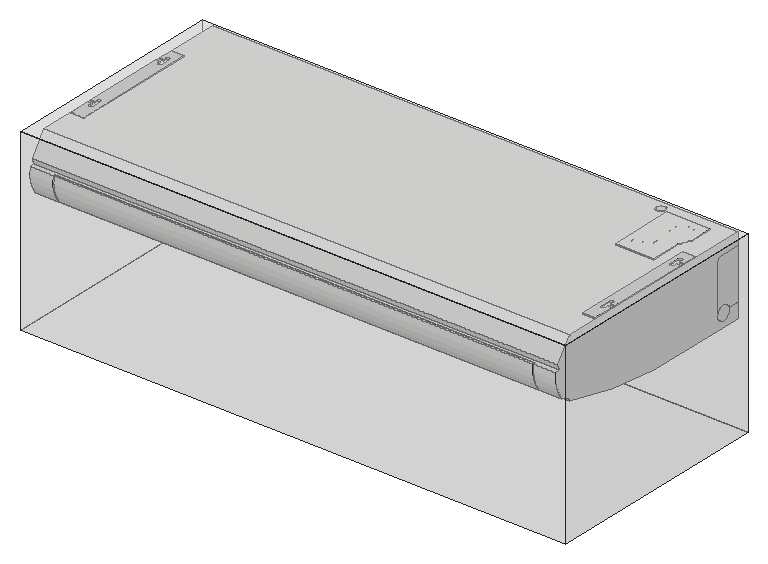
Revit family "outputfile", category 機械設備, Revit 2024
Family settings
  丸型コネクタ寸法 = 半径を使用
  パーツ タイプ = 標準
  OmniClass 番号 = 23.75.10.24.21.27.27
  OmniClass タイトル = Split System Air Conditioning Units
  作業面ベース = いいえ
  常に垂直 = はい
  ロード時にボイドで切り取り = いいえ
  注釈の向きを維持 = いいえ
  共有 = いいえ
  部屋計算ポイント = はい
Parameters (values of type "FHA24DV2S")
  製造元 = "Daikin"
  書き出し IFC クラス(タイプ) = "IfcUnitaryEquipmentType"
  定義済み IFC タイプ(タイプ) = "AIRCONDITIONINGUNIT"
  モデル = "FHA24DV2S"
  switch_frequency = yes
  r_Liquid Pipe Size = Liquid Pipe Size / 2  # 4.75 mm
  r_Gas Pipe Size = Gas Pipe Size / 2  # 7.95 mm
  r_Drain Pipe Size = Drain Pipe Size / 2  # 10.0 mm
  l_powersupply [instance] = if(Rear Right Connection_powersupply, 29.0 mm, 175.0 mm)  # 29.0 mm
  h_mountinghole = 2.0 mm
  connector_voltage = Voltage_50Hz  # 220 V
  connector_powerinput = [Power Input (Cooling)]  # 1.880 kW
  connector_phase = Phase_50Hz  # 1
  angle_vertical_powersupply [instance] = if(Rear Right Connection_powersupply, 90.00°, 180.00°)  # 90.00°
  angle_vertical_drainpipe [instance] = if(or(Left Connection_drainpipe, Right Connection_drainpipe), 90.00°, if(Top Connection_drainpipe, 180.00°, -90.00°))  # -90.00°
  angle_horizontal_powersupply [instance] = if(Rear Right Connection_powersupply, 180.00°, 0.00°)  # 180.00°
  angle_horizontal_drainpipe [instance] = if(Right Connection_drainpipe, 90.00°, if(Left Connection_drainpipe, -90.00°, 0.00°))  # 0.00°
  Voltage_comment_50Hz = "220"
  Voltage_50Hz = 220 V
  Top Connection_refrigerant [instance] = no
  Top Connection_powersupply [instance] = not(Rear Right Connection_powersupply)  # no
  Right Connection_refrigerant [instance] = no
  Rear Right Connection_refrigerant [instance] = yes
  Phase_50Hz = 1
  Material_Casing = DAIKIN_White_Casing_indoorunit
  lw_powersupply [instance] = if(Rear Right Connection_powersupply, 220.0 mm, 210.0 mm)  # 220.0 mm
  lw_mountinghole_pitch = Width - 40.0 mm  # 1550.0 mm
  lw_mountinghole = 20.0 mm
  lw_liquidpipe [instance] = if(Right Connection_refrigerant, 156.0 mm, if(Top Connection_refrigerant, 156.0 mm, 136.0 mm))  # 136.0 mm
  lw_gaspipe = 105.0 mm
  lw_drainpipe [instance] = if(Top Connection_drainpipe, 102.0 mm, if(Width = 960.0 mm, if(or(Left Connection_drainpipe, Rear Left Connection_drainpipe), 884.0 mm, 83.0 mm), if(Width = 1270.0 mm, if(or(Left Connection_drainpipe, Rear Left Connection_drainpipe), 1194.0 mm, 83.0 mm), if(Width = 1590.0 mm, if(or(Left Connection_drainpipe, Rear Left Connection_drainpipe), 1514.0 mm, 83.0 mm), 83.0 mm))))  # 83.0 mm
  lh_powersupply = 175.0 mm
  lh_liquidpipe [instance] = if(Rear Right Connection_refrigerant, 160.0 mm, 131.0 mm)  # 160.0 mm
  lh_gaspipe [instance] = if(Rear Right Connection_refrigerant, 150.0 mm, 91.0 mm)  # 150.0 mm
  lh_drainpipe = 197.0 mm
  l_antena = 1.0 mm
  ld_powersupply = 30.0 mm
  ld_mountinghole_pitch = 260.0 mm
  ld_mountinghole = 210.0 mm
  ld_liquidpipe [instance] = if(Right Connection_refrigerant, 57.0 mm, if(Top Connection_refrigerant, 189.0 mm, 221.0 mm))  # 221.0 mm
  ld_gaspipe [instance] = if(Right Connection_refrigerant, 57.0 mm, if(Top Connection_refrigerant, 163.0 mm, 214.0 mm))  # 214.0 mm
  ld_drainpipe [instance] = if(or(Left Connection_drainpipe, Right Connection_drainpipe), 57.0 mm, if(Top Connection_drainpipe, 87.0 mm, 268.0 mm))  # 268.0 mm
  l_liquidpipe_length [instance] = if(Right Connection_refrigerant, 156.0 mm, if(Top Connection_refrigerant, 131.0 mm, 220.0 mm))  # 220.0 mm
  l_gaspipe_length [instance] = if(Right Connection_refrigerant, 105.0 mm, if(Top Connection_refrigerant, 91.0 mm, 213.0 mm))  # 213.0 mm
  l_drainpipe_length [instance] = if(Right Connection_drainpipe, 83.0 mm, if(Top Connection_drainpipe, 197.0 mm, if(Left Connection_drainpipe, 76.0 mm, 267.0 mm)))  # 267.0 mm
  h*** = 0.0 mm
  angle_vertical [instance] = if(Right Connection_refrigerant, 90.00°, if(Top Connection_refrigerant, 180.00°, -90.00°))  # -90.00°
  angle_horizontal [instance] = if(Right Connection_refrigerant, 90.00°, 0.00°)  # 0.00°
  Width = 1590.0 mm
  Version = "ver.1.0"
  Unit Type = "Ceiling"
  Unit Mass Weight = 38.00 kg
  Unit Designation [instance] = ""
  Uniclass2015Version = "Products v1.30"
  Uniclass2015Title = "Split coil room air conditioning units"
  Uniclass2015Code = "Pr_70_65_03_86"
  Total Cooling Capacity [instance] = 0.000 kW
  Top Connection_drainpipe [instance] = no
  Sound Pressure Level_M speed (dBA) = 38
  Sound Pressure Level_L speed (dBA) = 34
  Sound Pressure Level_H speed (dBA) = 42
  Series = "SkyAir_Fan Coil Unit"
  Sensible Cooling Capacity [instance] = 0.000 kW
  Rear Right Connection_drainpipe [instance] = yes
  Rear Right Connection_powersupply [instance] = yes
  Right Connection_drainpipe [instance] = no
  Refrigerant Type = "R32"
  Power Input (Cooling) = 1.880 kW
  Option Accessory 3 [instance] = ""
  Option Accessory 2 [instance] = ""
  Option Accessory 1 [instance] = ""
  Nominal Cooling Capacity = 7.000 kW
  Minimum Airflow = 1200.00 m³/h
  Median Airflow = 1440.00 m³/h
  Maximum Airflow = 1680.00 m³/h
  Load Classification = HVAC
  Liquid Pipe Size = 9.5 mm
  Link_Nested Family [instance] = ""
  Rear Left Connection_drainpipe [instance] = no
  Left Connection_drainpipe [instance] = no
  IfcVersion = ""
  IfcExportType = "AIRCONDITIONINGUNIT"
  IfcExportAs = "IfcUnitaryEquipmentType"
  Height = 235.0 mm
  Heat Exchanger Type = "Cross Fin Coil"
  Gas Pipe Size = 15.9 mm
  Frequency_50Hz = 50 Hz
  Fan Type = "Sirocco Fan"
  Fan Drive = "Direct Drive"
  FCU Tag No. [instance] = ""
  Drain Pipe Size = 20.0 mm
  Design Supply Airflow [instance] = 0.00 m³/h
  Design Outdoor Airflow [instance] = 0.00 m³/h
  Depth = 690.0 mm
  既定の高さ = 0.0 mm
  Cooling Entering Wet Bulb Temperature [instance] = 0.00 °C
  Cooling Entering Dry Bulb Temperature [instance] = 0.00 °C
  Cooling Ambient Wet Bulb Temperature [instance] = 0.00 °C
  Cooling Ambient Dry Bulb Temperature [instance] = 0.00 °C
  Clearance visibility [instance] = yes
  Clearance Top = 5.0 mm
  Clearance Right = 30.0 mm
  Clearance Rear = 0.0 mm
  Clearance Left = 30.0 mm
  Clearance Front = 0.0 mm
  Clearance Bottom = 300.0 mm
Reference planes
  plane 1 "Back": y = 0
  plane 2: z = 0
  plane 3 "Center (Left/Right)": x = 0
  plane 4 "Center (Front/Back)": y = -1
  plane 5 "Front": y = -690
  plane 6 "Left": x = -795
  plane 7 "Right": x = 795
  plane 8 "Top": z = 0
  plane 9 "Bottom": z = -235
  plane 10: y = -690
  plane 11: x = -825
  plane 12: x = 825
  plane 13: z = 5
  plane 14: z = -535
  plane 15: y = 0
  plane 16 "lw_mountinghole": x = -775
  plane 17 "lw_mountinghole2": x = 775
  plane 18 "ld_mountinghole": y = -210
  plane 19 "ld_mountinghole2": y = -470
  plane 20 "lw_gaspipe": x = 690
  plane 21 "ld_gaspipe": y = -214
  plane 22 "lh_gaspipe": z = -150
  plane 23 "lw_liquidpipe": x = 659
  plane 24 "ld_liquidpipe": y = -221
  plane 25 "lh_liquidpipe": z = -160
  plane 26 "ld_drainpipe": y = -268
  plane 27 "lw_drainpipe": x = 712
  plane 28 "lh_drainpipe": z = -197
  plane 29 "lw_powersupply": x = 575
  plane 30 "lh_powersupply": z = -175
  plane 31 "ld_powersupply": y = -30
  plane 32: x = -725.5
  plane 33: x = 725.5
  plane 34: x = -750
  plane 35: x = 750
  plane 36: x = -2
  plane 37: x = 2
Forms (mm)
  Extrusion 1, solid, material "DAIKIN_White_Casing_indoorunit" <- "Material_Casing"
    sketch origin (0, 0, 0) x (0, 1, 0) y (0, 0, 1)
      loop
        line (-639.277, 0) -> (-680.876, -61.699) -> (-675.026, -77.772)
        arc (-675.026, -77.772) -> (-681.815, -78.743) -> (-688.601, -79.732) r 2634.132
        arc (-688.601, -79.732) -> (-687.018, -121.096) -> (-669.159, -158.439) r 102.2
        line (-669.159, -158.439) -> (-639.858, -169.325) -> (-635.895, -178.261)
        arc (-635.895, -178.261) -> (-479.121, -215.759) -> (-319.077, -235) r 1400.997
        line (-319.077, -235) -> (-1, -235) -> (-1, 0) -> (-639.277, 0)
    from -795 to 795
  Extrusion 2, solid, material "DAIKIN_White_Casing_indoorunit" <- "Material_Casing"
    sketch origin (0, 0, 0) x (0, 1, 0) y (0, 0, 1)
      loop
        arc (-688.601, -79.732) -> (-687.018, -121.096) -> (-669.159, -158.439) r 102.2
        line (-669.159, -158.439) -> (-665.589, -154.869)
        arc (-665.589, -154.869) -> (-682.432, -118.783) -> (-683.39, -78.971) r 97.2
        arc (-683.39, -78.971) -> (-685.996, -79.351) -> (-688.601, -79.732) r 2634.132
    from -725.5 to 725.5
  Extrusion 3, void
    sketch origin (0, 0, 0) x (0, 1, 0) y (0, 0, 1)
      loop
        line (-301.098, -235) -> (-21.098, -235) -> (-21.098, -230) -> (-301.098, -230) -> (-301.098, -235)
    from -750 to 750
  Extrusion 4, solid, material "DAIKIN_White_Grille_indoorunit"
    sketch origin (0, 0, 0) x (0, 1, 0) y (0, 0, 1)
      loop
        line (-20.098, -230) -> (-301.098, -230) -> (-301.098, -235) -> (-20.098, -235) -> (-20.098, -230)
    from -750 to -2
  Extrusion 5, solid, material "DAIKIN_White_Casing_indoorunit" <- "Material_Casing"
    sketch origin (0, 0, 0) x (1, 0, 0) y (0, 0, 1)
      loop
        line (602, -63) -> (602, -178) -> (673, -220) -> (736, -220) -> (736, -63) -> (602, -63)
    from 0 to 1
  Extrusion 6, solid, material "DAIKIN_White_Casing_indoorunit" <- "Material_Casing"
    sketch origin (0, 0, 0) x (-1, 0, 0) y (0, -1, 0)
      loop
        line (-607, 35) -> (-607, 230) -> (-723, 230) -> (-723, 135) -> (-738, 105) -> (-738, 35) -> (-607, 35)
    from 0 to 1.9
  Extrusion 7, void
    sketch origin (795, 0, 0) x (0, 1, 0) y (0, 0, 1)
      loop
        arc (-79.5, -195) -> (-55.446, -217.446) -> (-34.715, -191.9) r 22.5
        line (-34.715, -191.9) -> (-1, -191.9) -> (-1, -190.1) -> (-35.04, -190.1)
        arc (-35.04, -190.1) -> (-54.942, -172.594) -> (-77.7, -186.182) r 22.5
        line (-77.7, -186.182) -> (-77.7, -43)
        arc (-77.7, -43) -> (-76.528, -40.172) -> (-73.7, -39) r 4
        line (-73.7, -39) -> (-1, -39) -> (-1, -37.2) -> (-73.7, -37.2)
        arc (-73.7, -37.2) -> (-77.801, -38.899) -> (-79.5, -43) r 5.8
        line (-79.5, -43) -> (-79.5, -195)
      loop
        circle (-57, -195) r 20.7
    from 0 to -10
  Extrusion 8, void
    sketch origin (-1444.026, -1, 1200) x (1, 0, 0) y (0, 0, 1)
      loop
        arc (715.026, -1375) -> (704.42, -1379.393) -> (700.026, -1390) r 15
        line (700.026, -1390) -> (700.026, -1400)
        arc (700.026, -1400) -> (704.42, -1410.607) -> (715.026, -1415) r 15
        line (715.026, -1415) -> (745.026, -1415)
        arc (745.026, -1415) -> (755.633, -1410.607) -> (760.026, -1400) r 15
        line (760.026, -1400) -> (760.026, -1390)
        arc (760.026, -1390) -> (755.633, -1379.393) -> (745.026, -1375) r 15
        line (745.026, -1375) -> (715.026, -1375)
    from 0 to 10
  Extrusion 9, void
    sketch origin (-795, 0, 0) x (0, 1, 0) y (0, 0, 1)
      loop
        circle (-57, -197) r 22.5
    from 0 to 10
  Extrusion 10, void
    sketch origin (-1444.026, -1, 1200) x (1, 0, 0) y (0, 0, 1)
      loop
        circle (2136.026, -1375) r 44
    from 0 to 10
  Extrusion 11, void
    sketch origin (0, 0, 0) x (-1, 0, 0) y (0, -1, 0)
      loop
        circle (-693, 87) r 30
    from 0 to -10
  Extrusion 12, void
    sketch origin (0, 0, 0) x (-1, 0, 0) y (0, -1, 0)
      loop
        circle (-690, 163) r 18
    from 0 to -10
  Extrusion 13, void
    sketch origin (0, 0, 0) x (-1, 0, 0) y (0, -1, 0)
      loop
        circle (-639, 189) r 13
    from 0 to -10
  Extrusion 14, void
    sketch origin (-1444.026, -1, 1200) x (1, 0, 0) y (0, 0, 1)
      loop
        circle (2019.026, -1375) r 14.5
    from 0 to 10
  Extrusion 15, void
    sketch origin (0, 0, 0) x (-1, 0, 0) y (0, -1, 0)
      loop
        circle (-585, 30) r 14.5
    from 0 to -10
  Extrusion 16, void
    sketch origin (795, 0, 0) x (0, 1, 0) y (0, 0, 1)
      loop
        arc (-665.589, -154.869) -> (-682.432, -118.783) -> (-683.39, -78.971) r 97.2
        arc (-683.39, -78.971) -> (-685.996, -79.351) -> (-688.601, -79.732) r 2634.132
        arc (-688.601, -79.732) -> (-687.018, -121.096) -> (-669.159, -158.439) r 102.2
        line (-669.159, -158.439) -> (-665.589, -154.869)
    from -69.5 to -1520.5
  Extrusion 17, solid, material "DAIKIN_White_Casing_indoorunit" <- "Material_Casing"
    sketch origin (-795, 0, 0) x (0, 1, 0) y (0, 0, 1)
      loop
        circle (-57, -197) r 22.5
    from 0 to 10
  Extrusion 18, solid, material "DAIKIN_White_Grille_indoorunit"
    sketch origin (780, 0, 0) x (0, 1, 0) y (0, 0, 1)
      loop
        line (-20.098, -230) -> (-301.098, -230) -> (-301.098, -235) -> (-20.098, -235) -> (-20.098, -230)
    from -782 to -778
  Extrusion 19, solid, material "DAIKIN_White_Grille_indoorunit"
    sketch origin (0, 0, 0) x (0, 1, 0) y (0, 0, -1)
      loop
        line (-20.098, 230) -> (-20.098, 235) -> (-301.098, 235) -> (-301.098, 230) -> (-20.098, 230)
    from -750 to -2
Cuts and joins
  Extrusion 3, Extrusion 7, Extrusion 8, Extrusion 9, Extrusion 10, Extrusion 11, Extrusion 12, Extrusion 13, Extrusion 14, Extrusion 15, Extrusion 16 cuts Extrusion 1
Lines and regions (mm)
  reference lines
    curve 1: line (795, -580.282, -192.75) -> (795, -551.225, -200.21)
Dimensions and locks
  equal spacing: plane 6 "Left", plane 3 "Center (Left/Right)", plane 7 "Right"
  "Width": plane 6 "Left" to plane 7 "Right"
  "Depth": plane 5 "Front" to plane 1 "Back"
  "Height": plane 8 "Top" to plane 9 "Bottom"
  "Clearance Front": plane 10 to plane 5 "Front"
  "Clearance Left": plane 11 to plane 6 "Left"
  "Clearance Right": plane 7 "Right" to plane 12
  "Clearance Top": plane 13 to plane 8 "Top"
  "Clearance Bottom": plane 9 "Bottom" to plane 14
  "Clearance Rear": plane 1 "Back" to plane 15
  locked: plane 4 "Center (Front/Back)" to plane 1 "Back" at 1
  locked: Extrusion 1 sketch curve to Extrusion 1 sketch curve at 235
  locked: Extrusion 1 sketch curve to Extrusion 1 sketch curve at 318.077
  locked: Extrusion 1 sketch curve to Extrusion 1 sketch curve at 1163.297
  locked: Extrusion 1 sketch curve to Extrusion 1 sketch curve at 231.144
  Extrusion 3 sketch curve to Extrusion 3 sketch curve to plane 1 "Back" = 280.0 mm locked, 21.098 mm locked
  "ld_mountinghole": plane 18 "ld_mountinghole" to plane 1 "Back"
  "ld_mountinghole_pitch": plane 18 "ld_mountinghole" to plane 19 "ld_mountinghole2"
  "lw_mountinghole_pitch": plane 16 "lw_mountinghole" to plane 17 "lw_mountinghole2"
  "lw_mountinghole": plane 6 "Left" to plane 16 "lw_mountinghole"
  "lw_gaspipe": plane 20 "lw_gaspipe" to plane 7 "Right"
  "ld_gaspipe": plane 1 "Back" to plane 21 "ld_gaspipe"
  "lw_liquidpipe": plane 23 "lw_liquidpipe" to plane 7 "Right"
  "ld_liquidpipe": plane 1 "Back" to plane 24 "ld_liquidpipe"
  "lw_drainpipe": plane 27 "lw_drainpipe" to plane 7 "Right"
  "ld_drainpipe": plane 26 "ld_drainpipe" to plane 1 "Back"
  plane 8 "Top" to Extrusion 5 sketch curve to Extrusion 5 sketch curve = 63.0 mm locked, 157.0 mm locked
  plane 7 "Right" to Extrusion 5 sketch curve to Extrusion 5 sketch curve = 59.0 mm locked, 134.0 mm locked
  locked: Extrusion 5 sketch curve to Extrusion 5 sketch curve at 115
  locked: Extrusion 5 sketch curve to Extrusion 5 sketch curve at 63
  locked: Extrusion 6 sketch curve to Extrusion 6 sketch curve at 195
  locked: Extrusion 6 sketch curve to Extrusion 6 sketch curve at 116
  locked: Extrusion 6 sketch curve to Extrusion 6 sketch curve at 131
  locked: Extrusion 6 sketch curve to Extrusion 6 sketch curve at 100
  locked: Extrusion 6 sketch curve to plane 1 "Back" at 35
  locked: Extrusion 6 sketch curve to plane 7 "Right" at 57
  locked: Extrusion 8 sketch curve to Extrusion 8 sketch curve at 40
  locked: Extrusion 8 sketch curve to Extrusion 8 sketch curve at 60
  locked: plane 8 "Top" to Extrusion 8 sketch curve at 175
  locked: Extrusion 8 sketch curve to plane 6 "Left" at 51
  locked: plane 7 "Right" to Extrusion 10 sketch curve at 103
  locked: plane 8 "Top" to Extrusion 10 sketch curve at 175
  locked: Extrusion 11 sketch curve to plane 1 "Back" at 87
  locked: Extrusion 11 sketch curve to plane 7 "Right" at 102
  locked: Extrusion 12 sketch curve to plane 1 "Back" at 163
  locked: Extrusion 12 sketch curve to plane 7 "Right" at 105
  locked: Extrusion 13 sketch curve to plane 1 "Back" at 189
  locked: Extrusion 13 sketch curve to plane 7 "Right" at 156
  "lw_powersupply": plane 29 "lw_powersupply" to plane 7 "Right"
  "lh_gaspipe": plane 8 "Top" to plane 22 "lh_gaspipe"
  "lh_liquidpipe": plane 8 "Top" to plane 25 "lh_liquidpipe"
  "lh_powersupply": plane 8 "Top" to plane 30 "lh_powersupply"
  "lh_drainpipe": plane 8 "Top" to plane 28 "lh_drainpipe"
  "ld_powersupply": plane 1 "Back" to plane 31 "ld_powersupply"
  locked: plane 8 "Top" to Extrusion 7 sketch curve at 195
  locked: Extrusion 7 sketch curve to plane 1 "Back" at 57
  locked: plane 9 "Bottom" to Extrusion 7 sketch curve at 43.1
  locked: Extrusion 7 sketch curve to plane 8 "Top" at 39
  locked: Extrusion 7 sketch curve to plane 1 "Back" at 79.5
  locked: Extrusion 9 sketch curve to plane 1 "Back" at 57
  locked: plane 8 "Top" to Extrusion 9 sketch curve at 197
  locked: Extrusion 17 sketch curve to plane 1 "Back" at 57
  locked: plane 8 "Top" to Extrusion 17 sketch curve at 197
  locked: plane 7 "Right" to Extrusion 14 sketch curve at 220
  locked: plane 8 "Top" to Extrusion 14 sketch curve at 175
  locked: Extrusion 15 sketch curve to plane 7 "Right" at 210
  locked: Extrusion 15 sketch curve to plane 1 "Back" at 30
  locked: curve 1 to plane 9 "Bottom" at 34.79
  locked: curve 1 to plane 9 "Bottom" at 42.25
  locked: plane 6 "Left" to plane 32 at 69.5
  locked: plane 33 to plane 7 "Right" at 69.5
  locked: plane 35 to plane 7 "Right" at 45
  locked: plane 6 "Left" to plane 34 at 45
  plane 36 to plane 3 "Center (Left/Right)" to plane 37 = 2.0 mm locked, 2.0 mm locked
  locked: curve 1 to plane 9 "Bottom" (angle 14.40°)
  aligned and locked: level to plane 2
  aligned and locked: nested 1 to plane 11
  aligned and locked: nested 1 to plane 12
  aligned and locked: nested 1 to plane 10
  aligned and locked: plane 13 to nested 1
  aligned and locked: plane 14 to nested 1
  aligned and locked: plane 15 to nested 1
  aligned and locked: Extrusion 1 sketch curve to plane 8 "Top"
  aligned and locked: Extrusion 2 sketch curve to Extrusion 1  (x2)
  aligned and locked: plane 7 "Right" to Extrusion 1
  aligned and locked: Extrusion 1 to plane 6 "Left"
  aligned and locked: cut or joined group 1 (Extrusion 1, Extrusion 3, Extrusion 7, Extrusion 8, Extrusion 9, Extrusion 10, Extrusion 11, Extrusion 12, Extrusion 13, Extrusion 14, Extrusion 15, Extrusion 16) to Extrusion 3 sketch curve
  aligned and locked: cut or joined group 1 to Extrusion 4 sketch curve
  aligned and locked: Extrusion 5 to plane 4 "Center (Front/Back)"
  aligned and locked: Extrusion 7 sketch curve to plane 4 "Center (Front/Back)"
  aligned and locked: Extrusion 16 sketch curve to Extrusion 2  (x4)
  aligned and locked: Extrusion 16 to Extrusion 2  (x2)
  aligned and locked: nested 2 to plane 26 "ld_drainpipe"
  aligned and locked: plane 27 "lw_drainpipe" to nested 2
  aligned and locked: plane 20 "lw_gaspipe" to nested 3
  aligned and locked: nested 3 to plane 21 "ld_gaspipe"
  aligned and locked: plane 23 "lw_liquidpipe" to nested 4
  aligned and locked: nested 4 to plane 24 "ld_liquidpipe"
  aligned and locked: plane 25 "lh_liquidpipe" to nested 4
  aligned and locked: nested 5 to plane 31 "ld_powersupply"
  aligned and locked: plane 29 "lw_powersupply" to nested 5
  aligned and locked: nested 7 to plane 18 "ld_mountinghole"
  aligned and locked: plane 16 "lw_mountinghole" to nested 7
  aligned and locked: nested 6 to plane 19 "ld_mountinghole2"
  aligned and locked: plane 16 "lw_mountinghole" to nested 6
  aligned and locked: nested 9 to plane 18 "ld_mountinghole"
  aligned and locked: plane 17 "lw_mountinghole2" to nested 9
  aligned and locked: plane 17 "lw_mountinghole2" to nested 8
  aligned and locked: nested 8 to plane 19 "ld_mountinghole2"
  aligned and locked: nested 10 to curve 1
  aligned and locked: level to plane 8 "Top"
  aligned and locked: cut or joined group 1 to plane 32
  aligned and locked: plane 33 to cut or joined group 1
  aligned and locked: Extrusion 16 to plane 32
  aligned and locked: plane 33 to Extrusion 16
  aligned and locked: Extrusion 4 to plane 34
  aligned and locked: cut or joined group 1 to plane 34
  aligned and locked: plane 34 to Extrusion 4  (x3)
  aligned and locked: plane 16 "lw_mountinghole" to nested 11
  aligned and locked: plane 17 "lw_mountinghole2" to nested 12
  aligned and locked: plane 36 to Extrusion 4
  aligned and locked: Extrusion 18 to plane 36
  aligned and locked: plane 37 to Extrusion 18
  aligned and locked: Extrusion 19 to plane 37
  aligned and locked: plane 37 to Extrusion 19
  aligned and locked: plane 35 to Extrusion 19
  aligned and locked: plane 35 to Extrusion 3
  aligned and locked: Extrusion 4 to cut or joined group 1
  aligned and locked: cut or joined group 1 to Extrusion 18
  aligned and locked: cut or joined group 1 to Extrusion 19
Automatic sketch dimensions
  Extrusion 1 sketch curve to plane 4 "Center (Front/Back)" = 0.0 mm
  Extrusion 1 sketch curve to plane 5 "Front" = 102.2 mm
  Extrusion 1 sketch curve to plane 30 "lh_powersupply" = 3.261 mm
  Extrusion 1 sketch curve to plane 5 "Front" = 50.723 mm
  plane 30 "lh_powersupply" to Extrusion 1 sketch curve = 5.675 mm
  Extrusion 1 sketch curve to Extrusion 1 sketch curve = 3.963 mm
  plane 25 "lh_liquidpipe" to Extrusion 1 sketch curve = 1.561 mm
  Extrusion 1 sketch curve to plane 5 "Front" = 20.841 mm
  Extrusion 1 sketch curve to plane 5 "Front" = 14.974 mm
  Extrusion 1 sketch curve to plane 5 "Front" = 9.124 mm
  Extrusion 1 sketch curve to plane 26 "ld_drainpipe" = 37.278 mm
  Extrusion 1 sketch curve to plane 14 = 2150.825 mm
  plane 22 "lh_gaspipe" to Extrusion 1 sketch curve = 53.413 mm
  Extrusion 1 sketch curve to level = 77.772 mm
  Extrusion 1 sketch curve to Extrusion 1 sketch curve = 16.072 mm
  Extrusion 2 sketch curve to Extrusion 2 sketch curve = 0.0 mm  (x2)
  plane 25 "lh_liquidpipe" to Extrusion 2 sketch curve = 1.561 mm
  Extrusion 2 sketch curve to plane 22 "lh_gaspipe" = 4.869 mm
  Extrusion 2 sketch curve to Extrusion 2 sketch curve = 3.57 mm
  Extrusion 3 sketch curve to Extrusion 3 sketch curve = 5.0 mm
  plane 31 "ld_powersupply" to Extrusion 4 sketch curve = 9.902 mm
  Extrusion 4 sketch curve to Extrusion 4 sketch curve = 5.0 mm
  Extrusion 6 sketch curve to Extrusion 6 sketch curve = 30.0 mm
  Extrusion 7 sketch curve to Extrusion 7 sketch curve = 0.0 mm  (x6)
  Extrusion 7 sketch curve to plane 4 "Center (Front/Back)" = 0.0 mm  (x2)
  Extrusion 7 sketch curve to Extrusion 7 sketch curve = 1.8 mm  (x2)
  Extrusion 7 sketch curve to Extrusion 7 sketch curve = 4.0 mm
  Extrusion 7 sketch curve to Extrusion 7 sketch curve = 0.325 mm
  Extrusion 8 sketch curve to plane 32 = 3.5 mm  (x2)
  Extrusion 8 sketch curve to plane 28 "lh_drainpipe" = 3.0 mm
  Extrusion 8 sketch curve to Extrusion 8 sketch curve = 15.0 mm
  curve 1 to plane 5 "Front" = 109.718 mm
  Extrusion 18 sketch curve to plane 9 "Bottom" = 0.0 mm
  plane 9 "Bottom" to Extrusion 18 sketch curve = 5.0 mm
  Extrusion 18 sketch curve to plane 26 "ld_drainpipe" = 33.098 mm
  plane 31 "ld_powersupply" to Extrusion 18 sketch curve = 9.902 mm
  Extrusion 19 sketch curve to plane 9 "Bottom" = 0.0 mm
  plane 9 "Bottom" to Extrusion 19 sketch curve = 5.0 mm
  Extrusion 19 sketch curve to plane 26 "ld_drainpipe" = 33.098 mm
  plane 31 "ld_powersupply" to Extrusion 19 sketch curve = 9.902 mm
  Extrusion 4 sketch curve to plane 26 "ld_drainpipe" = 33.098 mm
  radius of Extrusion 7 sketch curve = 20.7 mm
  radius of Extrusion 9 sketch curve = 22.5 mm
  radius of Extrusion 10 sketch curve = 44.0 mm
  radius of Extrusion 11 sketch curve = 30.0 mm
  radius of Extrusion 12 sketch curve = 18.0 mm
  radius of Extrusion 13 sketch curve = 13.0 mm
  radius of Extrusion 14 sketch curve = 14.5 mm
  radius of Extrusion 15 sketch curve = 14.5 mm
  radius of Extrusion 17 sketch curve = 22.5 mm
Nested families
  nested 1: "daikin_clearancespace" at (0, -345, -264.881), visible <- "Clearance visibility", show <- "Clearance visibility", Link_Nested Family <- "Link_Nested Family", type "daikin_clearancespace"
    with width 1650.0 mm, show yes, height 540.0 mm, depth 690.0 mm, Link_Nested Family ""
  nested 2: "daikin_connector_rotate3" at (712, -268, -197), radius <- "r_Drain Pipe Size", angle_vertical <- "angle_vertical_drainpipe", angle_horizontal <- "angle_horizontal_drainpipe", length <- "l_drainpipe_length", type "daikin_connector_rotate3"
    with show no, radius 10.0 mm, length 267.0 mm, angle_vertical -90.00°, angle_horizontal 0.00°
  nested 3: "daikin_connector_rotate3" at (690, -214, -150), radius <- "r_Gas Pipe Size", angle_vertical <- "angle_vertical", angle_horizontal <- "angle_horizontal", length <- "l_gaspipe_length", type "daikin_connector_rotate3"
    with show no, radius 7.95 mm, length 213.0 mm, angle_vertical -90.00°, angle_horizontal 0.00°
  nested 4: "daikin_connector_rotate3" at (659, -221, -160), radius <- "r_Liquid Pipe Size", angle_vertical <- "angle_vertical", angle_horizontal <- "angle_horizontal", length <- "l_liquidpipe_length", type "daikin_connector_rotate3"
    with show no, radius 4.75 mm, length 220.0 mm, angle_vertical -90.00°, angle_horizontal 0.00°
  nested 5: "daikin_connector_rotate3" at (575, -30, -175), length <- "l_powersupply", angle_vertical <- "angle_vertical_powersupply", angle_horizontal <- "angle_horizontal_powersupply", type "daikin_connector_rotate3"
    with show no, radius 10.0 mm, length 29.0 mm, angle_vertical 90.00°, angle_horizontal 180.00°
  nested 6: "daikin_mountinghole" at (-775, -470, 0), l_antenna <- "l_antena", Link_Nested Family <- "Link_Nested Family", h_mountinghole <- "h_mountinghole", type "daikin_mountinghole"
    with show yes, l_antenna 1.0 mm, h_mountinghole 2.0 mm, Link_Nested Family ""
  nested 7: "daikin_mountinghole" at (-775, -210, 0), l_antenna <- "l_antena", Link_Nested Family <- "Link_Nested Family", h_mountinghole <- "h_mountinghole", type "daikin_mountinghole"
    with show yes, l_antenna 1.0 mm, h_mountinghole 2.0 mm, Link_Nested Family ""
  nested 8: "daikin_mountinghole" at (775, -470, 0), l_antenna <- "l_antena", Link_Nested Family <- "Link_Nested Family", h_mountinghole <- "h_mountinghole", type "daikin_mountinghole"
    with show yes, l_antenna 1.0 mm, h_mountinghole 2.0 mm, Link_Nested Family ""
  nested 9: "daikin_mountinghole" at (775, -210, 0), Link_Nested Family <- "Link_Nested Family", l_antenna <- "l_antena", h_mountinghole <- "h_mountinghole", type "daikin_mountinghole"
    with show yes, l_antenna 1.0 mm, h_mountinghole 2.0 mm, Link_Nested Family ""
  nested 10: "daikin_logo_plane_w40" at (647.963, -559.801, -198.008) x (1, 0, 0) z (0, -0.2487, -0.9686), type "daikin_logo_plane_w40"
    with show_logo yes
  nested 11: "daikin_hangerfixture_FHA-DV2S" at (-775, 0, 0), type "daikin_hangerfixture_FHA-DV2S"
    with width 38.0 mm, height 2.0 mm, depth 380.0 mm
  nested 12: "daikin_hangerfixture_FHA-DV2S" at (775, 0, 0) x (-1, 0, 0) z (0, 0, 1), type "daikin_hangerfixture_FHA-DV2S"
    with width 38.0 mm, height 2.0 mm, depth 380.0 mm
Connectors
  piping at (712, -1, -197), diameter 20, driven by "r_Drain Pipe Size"
    settings: on nested 2, index 1, connector inside diameter 609.6 mm, connector length 0.0 mm, flow factor 0, pipe flow 0.00 m³/h, pressure drop 0.0 Pa, fitting loss kfactor 0, connector angle 0.00°, fixture units 0, engagement length 0.0 mm, angle of deflection 0.00°, flow configuration 1, flow direction 2, fitting loss method 4, system type 16, joint type 0, gender type 0, connector reference index -1, connector utility 0, adjustable connector no, is connector primary yes, connector description "Condensate Drain Piping"
  piping at (690, -1, -150), diameter 15.9, driven by "r_Gas Pipe Size"
    settings: on nested 3, index 3, connector inside diameter 609.6 mm, connector length 0.0 mm, flow factor 0, pipe flow 0.00 m³/h, pressure drop 0.0 Pa, fitting loss kfactor 0, connector angle 0.00°, fixture units 0, engagement length 0.0 mm, angle of deflection 0.00°, flow configuration 1, flow direction 2, fitting loss method 0, system type 29, joint type 0, gender type 0, connector reference index -1, connector utility 0, adjustable connector no, is connector primary no, connector description "Refrigerant Gas Piping"
  piping at (659, -1, -160), diameter 9.5, driven by "r_Liquid Pipe Size"
    settings: on nested 4, index 4, connector inside diameter 609.6 mm, connector length 0.0 mm, flow factor 0, pipe flow 0.00 m³/h, pressure drop 0.0 Pa, fitting loss kfactor 0, connector angle 0.00°, fixture units 0, engagement length 0.0 mm, angle of deflection 0.00°, flow configuration 1, flow direction 1, fitting loss method 0, system type 29, joint type 0, gender type 0, connector reference index -1, connector utility 0, adjustable connector no, is connector primary no, connector description "Refrigerant Liquid Piping"
  electrical at (575, -1, -175), driven by "Load Classification", driven by "connector_powerinput", driven by "connector_phase", driven by "connector_voltage"
    settings: on nested 5, index 6, voltage 220 V, apparent load 1880 VA, apparent load phase1 0 VA, apparent load phase2 0 VA, apparent load phase3 0 VA, power factor 1, load classification "HVAC", number of poles 1, system type 30, power factor state 1, is connector primary yes, connector utility no, sub classification motor no, connector description "Power Supply"
Definition of nested family "daikin_clearancespace"
  Parameters (values of type "daikin_clearancespace")
    Description = "daikin_clearancespace"
    width [instance] = 1823.963 mm
    show [instance] = yes
    material = none
    height [instance] = 1359.762 mm
    depth [instance] = 880.0 mm
    Default Elevation = 0.0 mm
    Link_Nested Family [instance] = ""
  Reference planes
    plane 1 "Center (Front/Back)": y = 0
    plane 2 "Center (Elevation)": z = -0.119
    plane 3 "Center (Left/Right)": x = 0
    plane 4: y = 440
    plane 5: y = -440
    plane 6 "Right": x = 911.982
    plane 7 "Left": x = -911.982
    plane 8 "Top": z = 679.762
    plane 9 "Bottom": z = -680
  Forms (mm)
    Extrusion 1, solid, material <- "material", visible <- "show"
      sketch origin (0, 0, 0) x (1, 0, 0) y (0, 1, 0)
        loop
          line (-911.982, 440) -> (-911.982, -440) -> (911.982, -440) -> (911.982, 440) -> (-911.982, 440)
      from -680 to 679.762
  Lines and regions (mm)
    symbolic lines, visible <- "show"
      curve 1: line (911.982, 440, 0) -> (-911.982, 440, 0)
      curve 2: line (-911.982, 440, 0) -> (-911.982, -440, 0)
      curve 3: line (-911.982, -440, 0) -> (911.982, -440, 0)
      curve 4: line (911.982, -440, 0) -> (911.982, 440, 0)
      curve 5: line (911.982, 0, 679.762) -> (-911.982, 0, 679.762)
      curve 6: line (911.982, 0, -680) -> (911.982, 0, 679.762)
      curve 7: line (-911.982, 0, -680) -> (911.982, 0, -680)
      curve 8: line (-911.982, 0, 679.762) -> (-911.982, 0, -680)
      curve 9: line (0, 440, 679.762) -> (0, -440, 679.762)
      curve 10: line (0, -440, 679.762) -> (0, -440, -680)
      curve 11: line (0, 440, -680) -> (0, 440, 679.762)
      curve 12: line (0, -440, -680) -> (0, 440, -680)
  Dimensions and locks
    "width": plane 7 "Left" to plane 6 "Right"
    "depth": plane 4 to plane 5
    "height": plane 8 "Top" to plane 9 "Bottom"
    equal spacing: plane 7 "Left", plane 3 "Center (Left/Right)", plane 6 "Right"
    equal spacing: plane 4, plane 1 "Center (Front/Back)", plane 5
    equal spacing: plane 8 "Top", plane 2 "Center (Elevation)", plane 9 "Bottom"
    aligned and locked: level to plane 2 "Center (Elevation)"
    aligned and locked: Extrusion 1 sketch curve to plane 4
    aligned and locked: plane 7 "Left" to Extrusion 1 sketch curve
    aligned and locked: Extrusion 1 sketch curve to plane 5
    aligned and locked: Extrusion 1 sketch curve to plane 6 "Right"
    aligned and locked: plane 8 "Top" to Extrusion 1
    aligned and locked: curve 1 to Extrusion 1
    aligned and locked: curve 2 to Extrusion 1
    aligned and locked: curve 3 to Extrusion 1
    aligned and locked: curve 4 to Extrusion 1
    aligned and locked: curve 5 to Extrusion 1
    aligned and locked: curve 6 to Extrusion 1
    aligned and locked: curve 7 to Extrusion 1
    aligned and locked: curve 8 to Extrusion 1
    aligned and locked: curve 9 to Extrusion 1
    aligned and locked: curve 10 to Extrusion 1
    aligned and locked: curve 11 to Extrusion 1
    aligned and locked: curve 12 to Extrusion 1
    aligned and locked: Extrusion 1 to plane 9 "Bottom"
Definition of nested family "daikin_logo_plane_w40"
  Parameters (values of type "daikin_logo_plane_w40")
    width = 40.0 mm
    show_logo [instance] = yes
    material = none
    height = 0.0 mm
    depth = 0.0 mm
    Default Elevation = 1219.2 mm
  Reference planes
    plane 1 "Center (Front/Back)": y = 0
    plane 2: z = 0
    plane 3 "Center (Left/Right)": x = 0
    plane 4: z = 2
    plane 5 "left": x = -19
    plane 6: x = 19
  Forms (mm)
    Extrusion 1, solid, visible <- "show_logo"
      sketch origin (-19, 0, 0) x (1, 0, 0) y (0, 1, 0)
        loop
          line (8.902, -1.878) -> (7.789, -6.332) -> (11.13, -6.332)
          arc (11.13, -6.332) -> (12.454, -6.064) -> (13.472, -5.176) r 2.642
          arc (13.472, -5.176) -> (13.92, -4.02) -> (13.767, -2.79) r 2.537
          arc (13.767, -2.79) -> (13.452, -2.342) -> (12.982, -2.06) r 1.321
          arc (12.982, -2.06) -> (12.063, -1.902) -> (11.13, -1.878) r 6.479
          line (11.13, -1.878) -> (8.902, -1.878)
        loop
          line (10.016, -5.441) -> (10.907, -5.441)
          arc (10.907, -5.441) -> (11.591, -4.983) -> (11.988, -4.261) r 1.742
          spline (11.988, -4.261) -> (12.01, -4.155) -> (12.027, -4.03) -> (12.037, -3.893) -> (12.037, -3.747) -> (12.026, -3.598) -> (12.002, -3.451) -> (11.962, -3.31) -> (11.905, -3.181) -> (11.829, -3.069) -> (11.731, -2.978) -> (11.61, -2.913) -> (11.464, -2.88)
          line (11.464, -2.88) -> (10.573, -2.88) -> (10.016, -5.441)
        loop
          line (13.58, -6.332) -> (14.805, -6.332) -> (15.223, -5.553) -> (16.977, -5.553) -> (17.144, -6.332) -> (19.149, -6.332) -> (18.258, -1.878) -> (16.03, -1.878) -> (13.58, -6.332)
        loop
          line (16.476, -3.214) -> (15.76, -4.551) -> (16.762, -4.551) -> (16.476, -3.214)
        loop
          line (19.705, -6.332) -> (21.599, -6.332) -> (22.712, -1.878) -> (20.819, -1.878) -> (19.705, -6.332)
        loop
          line (22.712, -6.332) -> (24.606, -6.332) -> (24.908, -5.122) -> (25.831, -6.332) -> (28.17, -6.332) -> (26.388, -3.994) -> (28.949, -1.878) -> (26.945, -1.878) -> (25.401, -3.153) -> (25.719, -1.878) -> (23.826, -1.878) -> (22.712, -6.332)
        loop
          line (29.84, -1.878) -> (28.615, -6.332) -> (30.62, -6.332) -> (31.734, -1.878) -> (29.84, -1.878)
        loop
          line (31.734, -6.332) -> (33.07, -6.332) -> (33.7, -3.814) -> (34.518, -6.332) -> (36.745, -6.332) -> (37.859, -1.878) -> (36.523, -1.878) -> (35.845, -4.589) -> (34.963, -1.878) -> (32.847, -1.878) -> (31.734, -6.332)
      from 0 to 2
    Extrusion 2, solid, visible <- "show_logo"
      sketch origin (-19, 0, 0) x (1, 0, 0) y (0, 1, 0)
        loop
          line (8.7, 0) -> (4.235, 0) -> (0, -3.879) -> (0, -8) -> (8.7, 0)
      from 0 to 2
    Extrusion 3, solid, visible <- "show_logo"
      sketch origin (-19, 0, 0) x (1, 0, 0) y (0, 1, 0)
        loop
          line (0, 0) -> (0, -3.879) -> (4.235, 0) -> (0, 0)
      from 0 to 2
  Dimensions and locks
    plane 4 to plane 2 = 2.0 mm
    equal spacing: plane 5 "left", plane 3 "Center (Left/Right)", plane 6
    locked: plane 5 "left" to plane 6 at 38
    aligned and locked: level to plane 2
    aligned and locked: Extrusion 3 to plane 1 "Center (Front/Back)"  (x2)
    aligned and locked: Extrusion 2 to plane 1 "Center (Front/Back)"  (x2)
    aligned and locked: plane 4 to Extrusion 1
    aligned and locked: plane 4 to Extrusion 3
    aligned and locked: plane 4 to Extrusion 2
    aligned and locked: Extrusion 3 to plane 5 "left"
    aligned and locked: Extrusion 2 to plane 5 "left"
  Automatic sketch dimensions
    Extrusion 1 sketch curve to Extrusion 1 sketch curve = 0.901 mm
    Extrusion 1 sketch curve to Extrusion 1 sketch curve = 1.559 mm
    Extrusion 1 sketch curve to Extrusion 1 sketch curve = 1.327 mm
    Extrusion 1 sketch curve to Extrusion 1 sketch curve = 2.145 mm
    Extrusion 1 sketch curve to Extrusion 1 sketch curve = 1.448 mm
    Extrusion 1 sketch curve to Extrusion 1 sketch curve = 2.116 mm
    Extrusion 1 sketch curve to Extrusion 1 sketch curve = 1.114 mm  (x4)
    Extrusion 1 sketch curve to Extrusion 1 sketch curve = 1.336 mm  (x2)
    plane 1 "Center (Front/Back)" to Extrusion 1 sketch curve = 1.878 mm  (x5)
    Extrusion 1 sketch curve to Extrusion 1 sketch curve = 1.893 mm  (x5)
    Extrusion 1 sketch curve to Extrusion 1 sketch curve = 0.891 mm  (x4)
    Extrusion 1 sketch curve to Extrusion 1 sketch curve = 2.005 mm  (x3)
    Extrusion 1 sketch curve to Extrusion 1 sketch curve = 0.445 mm  (x2)
    plane 1 "Center (Front/Back)" to Extrusion 1 sketch curve = 3.994 mm
    Extrusion 1 sketch curve to Extrusion 1 sketch curve = 0.557 mm  (x2)
    Extrusion 1 sketch curve to Extrusion 1 sketch curve = 2.339 mm  (x2)
    Extrusion 1 sketch curve to Extrusion 1 sketch curve = 1.225 mm  (x3)
    plane 1 "Center (Front/Back)" to Extrusion 1 sketch curve = 3.153 mm
    Extrusion 1 sketch curve to Extrusion 1 sketch curve = 0.987 mm
    plane 1 "Center (Front/Back)" to Extrusion 1 sketch curve = 5.122 mm
    Extrusion 1 sketch curve to Extrusion 1 sketch curve = 0.922 mm
    plane 1 "Center (Front/Back)" to Extrusion 1 sketch curve = 6.332 mm
    Extrusion 1 sketch curve to Extrusion 1 sketch curve = 2.562 mm
    plane 1 "Center (Front/Back)" to Extrusion 1 sketch curve = 5.553 mm
    Extrusion 1 sketch curve to Extrusion 1 sketch curve = 0.167 mm
    Extrusion 1 sketch curve to Extrusion 1 sketch curve = 0.215 mm
    plane 1 "Center (Front/Back)" to Extrusion 1 sketch curve = 3.214 mm
    Extrusion 1 sketch curve to Extrusion 1 sketch curve = 0.286 mm
    plane 1 "Center (Front/Back)" to Extrusion 1 sketch curve = 4.551 mm
    Extrusion 1 sketch curve to Extrusion 1 sketch curve = 1.002 mm
    Extrusion 1 sketch curve to Extrusion 1 sketch curve = 0.537 mm
    Extrusion 1 sketch curve to Extrusion 1 sketch curve = 0.418 mm
    Extrusion 1 sketch curve to Extrusion 1 sketch curve = 1.028 mm
    plane 1 "Center (Front/Back)" to Extrusion 1 sketch curve = 4.261 mm
    Extrusion 1 sketch curve to Extrusion 1 sketch curve = 0.563 mm
    plane 1 "Center (Front/Back)" to Extrusion 1 sketch curve = 2.88 mm
    Extrusion 1 sketch curve to Extrusion 1 sketch curve = 1.088 mm
    Extrusion 1 sketch curve to Extrusion 1 sketch curve = 2.152 mm
    Extrusion 1 sketch curve to Extrusion 1 sketch curve = 0.586 mm
    Extrusion 1 sketch curve to Extrusion 1 sketch curve = 0.118 mm
    Extrusion 1 sketch curve to Extrusion 1 sketch curve = 0.298 mm
    Extrusion 1 sketch curve to Extrusion 1 sketch curve = 0.334 mm
    Extrusion 1 sketch curve to Extrusion 1 sketch curve = 0.223 mm
    Extrusion 1 sketch curve to Extrusion 1 sketch curve = 0.266 mm
    Extrusion 1 sketch curve to Extrusion 1 sketch curve = 1.671 mm
    Extrusion 1 sketch curve to Extrusion 1 sketch curve = 2.227 mm
    Extrusion 1 sketch curve to Extrusion 1 sketch curve = 0.0 mm  (x7)
    Extrusion 1 sketch curve to Extrusion 1 sketch curve = 3.453 mm
    Extrusion 1 sketch curve to Extrusion 1 sketch curve = 2.017 mm
    Extrusion 1 sketch curve to Extrusion 1 sketch curve = 0.78 mm  (x2)
    Extrusion 1 sketch curve to Extrusion 1 sketch curve = 1.743 mm
    Extrusion 1 sketch curve to Extrusion 1 sketch curve = 0.775 mm
    Extrusion 1 sketch curve to Extrusion 1 sketch curve = 0.552 mm
    Extrusion 1 sketch curve to Extrusion 1 sketch curve = 0.014 mm
    Extrusion 1 sketch curve to Extrusion 1 sketch curve = 0.952 mm
    Extrusion 1 sketch curve to Extrusion 1 sketch curve = 1.215 mm
    Extrusion 1 sketch curve to Extrusion 1 sketch curve = 0.108 mm
    plane 1 "Center (Front/Back)" to Extrusion 2 sketch curve = 0.0 mm
    Extrusion 2 sketch curve to plane 3 "Center (Left/Right)" = 19.0 mm
    Extrusion 2 sketch curve to plane 3 "Center (Left/Right)" = 14.765 mm
    Extrusion 2 sketch curve to Extrusion 2 sketch curve = 4.465 mm
    plane 1 "Center (Front/Back)" to Extrusion 2 sketch curve = 3.879 mm
    Extrusion 2 sketch curve to Extrusion 2 sketch curve = 4.12 mm
    plane 1 "Center (Front/Back)" to Extrusion 3 sketch curve = 0.0 mm
    Extrusion 3 sketch curve to plane 3 "Center (Left/Right)" = 19.0 mm
    Extrusion 3 sketch curve to plane 3 "Center (Left/Right)" = 14.765 mm
    plane 1 "Center (Front/Back)" to Extrusion 3 sketch curve = 3.879 mm
    Extrusion 1 sketch curve to plane 3 "Center (Left/Right)" = 11.211 mm
    Extrusion 1 sketch curve to Extrusion 1 sketch curve = 1.782 mm
Definition of nested family "daikin_hangerfixture_FHA-DV2S"
  Parameters (values of type "daikin_hangerfixture_FHA-CV2S")
    width = 44.0 mm
    material = none
    height = 155.0 mm
    depth = 33.0 mm
    Default Elevation = 0.0 mm
  Reference planes
    plane 1 "Center (Front/Back)": y = 0
    plane 2: z = 0
    plane 3 "Center (Left/Right)": x = 0
    plane 4: z = -2.3
    plane 5: z = -155
    plane 6: z = -12
  Forms (mm)
    Extrusion 1, solid
      sketch origin (0, 0, 0) x (1, 0, 0) y (0, 1, 0)
        loop
          line (20, -159) -> (-18, -159) -> (-18, -204) -> (-6, -204) -> (-6, -196)
          arc (-6, -196) -> (0, -190) -> (6, -196) r 6
          line (6, -196) -> (6, -224)
          arc (6, -224) -> (0, -230) -> (-6, -224) r 6
          line (-6, -224) -> (-6, -216) -> (-18, -216) -> (-18, -464) -> (-6, -464) -> (-6, -456)
          arc (-6, -456) -> (0, -450) -> (6, -456) r 6
          line (6, -456) -> (6, -484)
          arc (6, -484) -> (0, -490) -> (-6, -484) r 6
          line (-6, -484) -> (-6, -476) -> (-18, -476) -> (-18, -539) -> (20, -539) -> (20, -159)
      from 0 to 2
  Dimensions and locks
    plane 2 to plane 4 = 2.3 mm
    "height": plane 2 to plane 5
    locked: plane 2 to plane 6 at 12
    aligned and locked: level to plane 2
  Automatic sketch dimensions
    plane 3 "Center (Left/Right)" to Extrusion 1 sketch curve = 20.0 mm
    plane 1 "Center (Front/Back)" to Extrusion 1 sketch curve = 159.0 mm
    Extrusion 1 sketch curve to plane 3 "Center (Left/Right)" = 18.0 mm
    Extrusion 1 sketch curve to Extrusion 1 sketch curve = 380.0 mm
    Extrusion 1 sketch curve to Extrusion 1 sketch curve = 63.0 mm
    Extrusion 1 sketch curve to plane 3 "Center (Left/Right)" = 0.0 mm  (x4)
    plane 3 "Center (Left/Right)" to Extrusion 1 sketch curve = 6.0 mm
    Extrusion 1 sketch curve to Extrusion 1 sketch curve = 8.0 mm  (x4)
    Extrusion 1 sketch curve to Extrusion 1 sketch curve = 20.0 mm  (x2)
    Extrusion 1 sketch curve to Extrusion 1 sketch curve = 0.0 mm  (x2)
    Extrusion 1 sketch curve to Extrusion 1 sketch curve = 57.0 mm
    Extrusion 1 sketch curve to plane 3 "Center (Left/Right)" = 6.0 mm
Definition of nested family "daikin_connector_rotate3"
  Parameters (values of type "daikin_connector_rotate3")
    show [instance] = yes
    radius [instance] = 10.0 mm
    length [instance] = 600.0 mm
    angle_horizontal [instance] = 60.00°
    angle_vertical [instance] = 90.00°
    Default Elevation = 1219.2 mm
  Reference planes
    plane 1 "Center (Front/Back)": y = 0
    plane 2: z = 0
    plane 3 "Center (Left/Right)": x = 0
  Dimensions and locks
    "angle_horizontal": angle plane 3 "Center (Left/Right)" to nested 1
    aligned and locked: level to plane 2
    aligned and locked: plane 1 "Center (Front/Back)" to nested 1  (x2)
    aligned and locked: plane 3 "Center (Left/Right)" to nested 1
  Nested families
    nested 1: "daikin_connector_rotate2" at (0, 0, 0) x (0.5, 0.866, 0) z (0, 0, 1), angle_vertical <- "angle_vertical", length <- "length", radius <- "radius", type "daikin_connector_rotate2"
      with radius 10.0 mm, length 600.0 mm, angle_vertical 90.00°
  Definition of nested family "daikin_connector_rotate2"
    Parameters (values of type "daikin_connector_rotate2")
      show_face = yes
      radius [instance] = 10.0 mm
      length [instance] = 600.0 mm
      d_surface = 10.0 mm
      angle_vertical [instance] = 90.00°
      Default Elevation = 0.0 mm
    Reference planes
      plane 1 "Center (Front/Back)": y = 0
      plane 2: z = 0
      plane 3 "Center (Left/Right)": x = 0
    Forms (mm)
      Extrusion 1, solid, visible <- "show_face"
        sketch origin (0, -600, 0) x (1, 0, 0) y (0, 0, 1)
          loop
            circle (0, 0) r 10
        from 0 to -10
    Lines and regions (mm)
      reference lines
        curve 1: line (0, 0, 0) -> (0, -600, 0)
      symbolic lines
        curve 2: circle (0, 0, 0) r 5 normal (0, 0, 1)
      model lines, visible <- "show_face"
        curve 3: line (0, 0, 0) -> (0, -600, 0)
    Dimensions and locks
      "length": curve 1 to curve 1
      "length": curve 3 to curve 3
      "d_surface": Extrusion 1 to Extrusion 1
      "radius": radius of Extrusion 1 sketch curve
      "angle_vertical": angle curve 1 to plane 1 "Center (Front/Back)"
      "angle_vertical": angle curve 3 to plane 1 "Center (Front/Back)"
      aligned and locked: level to plane 2
      aligned and locked: plane 1 "Center (Front/Back)" to curve 1
      aligned and locked: plane 2 to curve 1
      aligned and locked: plane 1 "Center (Front/Back)" to curve 2
      aligned and locked: plane 3 "Center (Left/Right)" to curve 2
      aligned and locked: plane 1 "Center (Front/Back)" to curve 3
      aligned and locked: plane 2 to curve 3
      aligned and locked: Extrusion 1 to Extrusion 1
    Automatic sketch dimensions
      Extrusion 1 sketch curve to level = 0.0 mm
      Extrusion 1 sketch curve to plane 3 "Center (Left/Right)" = 0.0 mm
      radius of curve 2 = 5.0 mm
Definition of nested family "daikin_mountinghole"
  Parameters (values of type "daikin_mountinghole")
    Default Elevation = 1219.2 mm
    Type Comments = "mountinghole"
    show [instance] = yes
    material = none
    l_centerline = 100.0 mm
    l_antenna [instance] = 100.0 mm
    h_mountinghole [instance] = 0.0 mm
    d_circle = 30.0 mm
    Link_Nested Family [instance] = ""
  Reference planes
    plane 1 "Center (Front/Back)": y = 0
    plane 2: z = 0
    plane 3 "Center (Left/Right)": x = 0
    plane 4: y = 50
    plane 5: x = -50
    plane 6: x = 50
    plane 7: y = -50
    plane 8 "h_mountinghole": z = 0
    plane 9: z = 100
  Lines and regions (mm)
    model lines, detail levels fine
      curve 1: circle (0, 0, 0) r 15 normal (0, 0, 1)
      curve 2: line (-50, 0, 0) -> (50, 0, 0)
      curve 3: line (0, 50, 0) -> (0, -50, 0)
    symbolic lines, detail levels fine
      curve 4: circle (0, 0, 0) r 15 normal (0, 0, 1)
      curve 5: line (-50, 0, 0) -> (50, 0, 0)
      curve 6: line (0, 50, 0) -> (0, -50, 0)
    model lines
      curve 7: line (0, 0, 100) -> (0, 0, 0)
  Dimensions and locks
    equal spacing: plane 4, plane 1 "Center (Front/Back)", plane 7
    "l_centerline": plane 4 to plane 7
    equal spacing: plane 5, plane 3 "Center (Left/Right)", plane 6
    "l_centerline": plane 5 to plane 6
    "l_antenna": plane 9 to plane 8 "h_mountinghole"
    "h_mountinghole": plane 8 "h_mountinghole" to plane 2
    "d_circle": diameter of curve 1
    "d_circle": diameter of curve 4
    aligned and locked: level to plane 2
    aligned and locked: plane 1 "Center (Front/Back)" to curve 1
    aligned and locked: plane 3 "Center (Left/Right)" to curve 1
    aligned and locked: plane 1 "Center (Front/Back)" to curve 2
    aligned and locked: curve 3 to plane 3 "Center (Left/Right)"
    aligned and locked: plane 6 to curve 2
    aligned and locked: plane 5 to curve 2
    aligned and locked: plane 4 to curve 3
    aligned and locked: plane 7 to curve 3
    aligned and locked: plane 1 "Center (Front/Back)" to curve 4
    aligned and locked: plane 3 "Center (Left/Right)" to curve 4
    aligned and locked: plane 6 to curve 5
    aligned and locked: plane 5 to curve 5
    aligned and locked: plane 1 "Center (Front/Back)" to curve 5
    aligned and locked: plane 4 to curve 6
    aligned and locked: plane 7 to curve 6
    aligned and locked: curve 6 to plane 3 "Center (Left/Right)"
    aligned and locked: curve 7 to plane 3 "Center (Left/Right)"
    aligned and locked: plane 9 to curve 7
    aligned and locked: plane 8 "h_mountinghole" to curve 7
